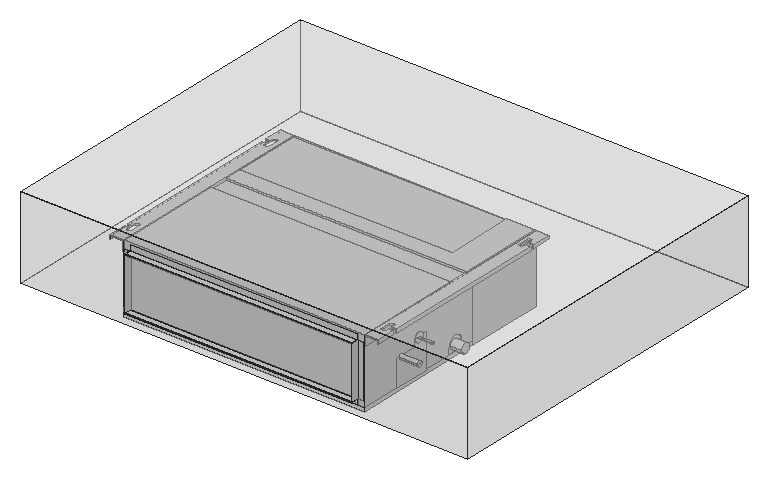
Revit family "outputfile", category 機械設備, Revit 2024
Family settings
  丸型コネクタ寸法 = 半径を使用
  パーツ タイプ = 標準
  OmniClass 番号 = 23.75.10.24.21.27.27
  OmniClass タイトル = Split System Air Conditioning Units
  作業面ベース = いいえ
  常に垂直 = はい
  ロード時にボイドで切り取り = いいえ
  注釈の向きを維持 = いいえ
  共有 = いいえ
  部屋計算ポイント = はい
Parameters (values of type "FXDQ32PDVT4")
  Description = ""
  製造元 = "Daikin"
  書き出し IFC クラス(タイプ) = "IfcUnitaryEquipmentType"
  定義済み IFC タイプ(タイプ) = "AIRCONDITIONINGUNIT"
  Cost = 0
  モデル = "FXDQ32PDVT4"
  Type Comments = ""
  Keynote = ""
  Type Image = (empty or 0)
  Assembly Code = ""
  w_pipe = 33.0 mm
  r_Liquid Pipe Size = Liquid Pipe Size / 2  # 3.2 mm
  r_Gas Pipe Size = Gas Pipe Size / 2  # 6.35 mm
  r_Drain Pipe Size = Drain Pipe Size / 2  # 10.0 mm
  lw_powersupply = 304.0 mm
  lh_suctionflange [instance] = if(Rear Connection_Return Air, 100.0 mm + [h***], 190.0 mm + [h***])  # 100.0 mm
  ld_suctionflange [instance] = if(Rear Connection_Return Air, 190.0 mm, 100.0 mm)  # 190.0 mm
  ld_powersupply = 60.0 mm
  angle_vertical_RA [instance] = if(Rear Connection_Return Air, 90.00°, 0.00°)  # 90.00°
  angle horizontal_RA [instance] = if(Rear Connection_Return Air, 180.00°, 270.00°)  # 180.00°
  Voltage_comment_60Hz = "220"
  Voltage_comment_50Hz = "220-240"
  Voltage_60Hz = 220 V
  Voltage_50Hz = 220 V
  URL = ""
  Supply Air Direction [instance] = yes
  Sound Power Level_H speed (dB) = 54
  Rear Connection_Return Air [instance] = not(Bottom Connection_Return Air)  # yes
  RA_length = 190.0 mm  # constant formula
  Phase_60Hz = 1
  Phase_50Hz = 1
  Minimum External Static Pressure = 10.00 Pa
  Minimum Circuit Amps_60Hz = 0.8 A
  Minimum Circuit Amps_50Hz = 0.7 A
  Maximum Fuse Amps_60Hz = 16.0 A
  Maximum Fuse Amps_50Hz = 16.0 A
  Maximum External Static Pressure = 30.00 Pa
  Material_Casing = DAIKIN_GalvanizedSteel_Casing_indoorunit
  lw_liquidpipe = 46.0 mm  # constant formula
  lw_gaspipe = 57.0 mm  # constant formula
  lw_mountinghole_pitch = 740.0 mm  # constant formula
  lw_mountinghole = 20.0 mm  # constant formula
  lw_drainpipe = 33.0 mm  # constant formula
  lh_powersupply = 10.0 mm
  lh_liquidpipe = 110.0 mm
  lh_gaspipe = 87.0 mm
  lh_mountinghole = Height + [h***]  # 200.0 mm
  lh_drainpipe = 30.0 mm
  lh_antena = 1.0 mm  # constant formula
  ld_liquidpipe = 193.0 mm  # constant formula
  ld_gaspipe = 130.0 mm  # constant formula
  ld_mountinghole_pitch = 500.0 mm  # constant formula
  ld_drainpipe = 280.0 mm
  ld_controlbox = 626.0 mm  # constant formula
  h*** = 0.0 mm  # constant formula
  d_dischargeflange = 21.2 mm  # constant formula
  Width = 700.0 mm
  Version = "ver.1.0"
  Unit Type = "Slim Duct (Standard) Type"
  Unit Mass Weight = 23.00 kg
  Unit Designation [instance] = ""
  Uniclass2015Version = "Products v1.30"
  Uniclass2015Title = "Variable refrigerant flow units"
  Uniclass2015Code = "Pr_70_65_03_94"
  Total Heating Capacity [instance] = 0.000 kW
  Total Cooling Capacity [instance] = 0.000 kW
  Sound Pressure Level_M speed (dBA) = 0
  Sound Pressure Level_L speed (dBA) = 24
  Sound Pressure Level_H speed (dBA) = 28
  Series = "VRV Fan Coil Unit"
  Sensible Cooling Capacity [instance] = 0.000 kW
  SA Duct Size Width = 660.0 mm
  SA Duct Size Height = 153.0 mm
  Refrigerant Type = "R410A"
  RA Duct Size Width = 600.0 mm
  RA Duct Size Height = 180.0 mm
  Power Input (Heating) = 0.070 kW
  Power Input (Cooling) = 0.070 kW
  Option Accessory 3 [instance] = ""
  Option Accessory 2 [instance] = ""
  Option Accessory 1 [instance] = ""
  Nominal Heating Capacity = 4.000 kW
  Nominal Cooling Capacity = 3.600 kW
  Minimum Airflow = 384.00 m³/h
  Median Airflow = 432.00 m³/h
  Maximum Airflow = 480.00 m³/h
  Load Classification = HVAC
  Liquid Pipe Size = 6.4 mm
  Link_Nested Family [instance] = ""
  IfcVersion = "0"
  IfcExportType = "AIRCONDITIONINGUNIT"
  IfcExportAs = "IfcUnitaryEquipmentType"
  Height = 200.0 mm
  Heating Entering Wet Bulb Temperature [instance] = 0.00 °C
  Heating Entering Dry Bulb Temperature [instance] = 0.00 °C
  Heating Ambient Wet Bulb Temperature [instance] = 0.00 °C
  Heating Ambient Dry Bulb Temperature [instance] = 0.00 °C
  Heat Exchanger Type = "Cross Fin Coil"
  Gas Pipe Size = 12.7 mm
  Frequency_60Hz = 60 Hz
  Frequency_50Hz = 50 Hz
  Fan Type = "Sirocco Fan"
  Fan Drive = "Direct Drive"
  FCU Tag No. [instance] = ""
  Drain Pipe Size = 20.0 mm
  Design Supply Airflow [instance] = 0.00 m³/h
  Design Return Airflow [instance] = 0.00 m³/h
  Design External Static Pressure [instance] = 0.00 Pa
  Depth = 620.0 mm
  既定の高さ = 0.0 mm
  Cooling Entering Wet Bulb Temperature [instance] = 0.00 °C
  Cooling Entering Dry Bulb Temperature [instance] = 0.00 °C
  Cooling Ambient Wet Bulb Temperature [instance] = 0.00 °C
  Cooling Ambient Dry Bulb Temperature [instance] = 0.00 °C
  Clearance visibility [instance] = yes
  Clearance Top = 20.0 mm
  Clearance Right = 300.0 mm
  Clearance Rear = 400.0 mm
  Clearance Left = 300.0 mm
  Clearance Front = 0.0 mm
  Clearance Bottom = 20.0 mm
  Bottom Connection_Return Air [instance] = no
Reference planes
  plane 1 "Center (Front/Back)": y = 0
  plane 2: z = 0
  plane 3 "Center (Left/Right)": x = 0
  plane 4 "Back": y = 310
  plane 5 "Front": y = -310
  plane 6 "Left": x = -350
  plane 7 "Right": x = 350
  plane 8 "Top": z = 0
  plane 9 "Bottom": z = -200
  plane 10: x = 330
  plane 11: x = -330
  plane 12: z = -190
  plane 13: z = -6
  plane 14: z = -22
  plane 15: z = -90
  plane 16: z = -113
  plane 17: x = -304
  plane 18: x = 304
  plane 19: x = -370
  plane 20: x = 370
  plane 21: y = -250
  plane 22: y = 250
  plane 23: x = -390
  plane 24: x = 390
  plane 25: x = 396
  plane 26: x = 407
  plane 27: x = 383
  plane 28: z = 0
  plane 29: z = -170
  plane 30 "Clearance Left": x = -650
  plane 31 "Clearance Right": x = 650
  plane 32 "Clearance Rear": y = 710
  plane 33 "Clearance Front": y = -310
  plane 34 "Clearance Top": z = 20
  plane 35 "Clearance Bottom": z = -220
  plane 36: z = -21
  plane 37: z = -170
  plane 38: z = -96.5
  plane 39: x = -40
  plane 40: y = -180
  plane 41: y = -117
  plane 42: y = -30
  plane 43: y = 20
  plane 44: z = -97.5
  plane 45: y = -309
  plane 46: x = -349
  plane 47: z = -100
  plane 48: z = -30
  plane 49: y = 210
  plane 50: z = 301
  plane 51: z = -199
  plane 52: y = 120
  plane 53: z = -101
  plane 54: x = 380
  plane 55: z = 11
  plane 56: z = 102.5
Forms (mm)
  Extrusion 1, solid
    sketch origin (0, 0, 0) x (1, 0, 0) y (0, 0, 1)
      loop
        line (-350, -190) -> (-350, -200) -> (350, -200) -> (350, -190) -> (-350, -190)
    from -84 to 310
  Extrusion 2, solid, material "DAIKIN_GalvanizedSteel_Casing_indoorunit" <- "Material_Casing"
    sketch origin (0, 0, 0) x (1, 0, 0) y (0, 1, 0)
      loop
        line (-350, -309) -> (350, -309) -> (350, 310) -> (-350, 310) -> (-350, -309)
    from -200 to 0
  Extrusion 3, void
    sketch origin (0, 0, 1) x (1, 0, 0) y (0, 1, 0)
      loop
        line (-350, 62.179) -> (-350, 4.179) -> (350, 4.179) -> (350, 62.179) -> (-350, 62.179)
    from -1 to -7
  Extrusion 4, void
    sketch origin (0, 0, 0) x (0, 1, 0) y (0, 0, 1)
      loop
        line (-5, -190) -> (45, -190) -> (45, -170)
        arc (45, -170) -> (20, -145) -> (-5, -170) r 25
        line (-5, -170) -> (-5, -190)
    from 350 to 345
  Revolve 5, solid, material "DAIKIN_GalvanizedSteel_Casing_indoorunit" <- "Material_Casing"
    sketch origin (0, 0, -113) x (0, -1, 0) y (1, 0, 0)
      loop
        line (173.65, 351) -> (180, 351) -> (180, 407) -> (173.65, 407) -> (173.65, 351)
      axis (180, 351) -> (180, 407)
    angle from 0 to 360
  Revolve 6, solid, material "DAIKIN_GalvanizedSteel_Casing_indoorunit" <- "Material_Casing"
    sketch origin (0, 0, -90) x (0, -1, 0) y (1, 0, 0)
      loop
        line (117, 351) -> (117, 396) -> (113.8, 396) -> (113.8, 351) -> (117, 351)
      axis (117, 396) -> (117, 351)
    angle from 0 to 360
  Extrusion 7, solid, material "DAIKIN_GalvanizedSteel_Casing_indoorunit" <- "Material_Casing"
    sketch origin (0, 0, 0) x (0, 1, 0) y (0, 0, 1)
      loop
        circle (-116, -90) r 12.7
    from 350 to 355.007
  Extrusion 8, solid, material "DAIKIN_GalvanizedSteel_Casing_indoorunit" <- "Material_Casing"
    sketch origin (0, 0, 0) x (0, 1, 0) y (0, 0, 1)
      loop
        circle (20, -170) r 13
    from 345 to 380
  Extrusion 9, solid, material "DAIKIN_GalvanizedSteel_Casing_indoorunit" <- "Material_Casing"
    sketch origin (0, 0, 0) x (1, 0, 0) y (0, 0, 1)
      loop
        line (-350, -190) -> (-350, -200) -> (350, -200) -> (350, -190) -> (-350, -190)
    from -84 to 310
  Extrusion 10, solid, material "DAIKIN_GalvanizedSteel_Casing_indoorunit" <- "Material_Casing", visible <- "Bottom Connection_Return Air"
    sketch origin (0, 0, 0) x (1, 0, 0) y (0, 0, 1)
      loop
        line (269, -200) -> (269, -1) -> (-349, -1) -> (-349, -200) -> (269, -200)
    from -310 to -309
  Extrusion 11, void
    sketch origin (0, 0, 0) x (1, 0, 0) y (0, 0, 1)
      loop
        line (269, 0) -> (-349, 0) -> (-349, -1) -> (269, -1) -> (269, 0)
    from -310 to -111
  Extrusion 12, solid, material "DAIKIN_GalvanizedSteel_Casing_indoorunit" <- "Material_Casing", visible <- "Rear Connection_Return Air"
    sketch origin (0, 0, 0) x (1, 0, 0) y (0, 1, 0)
      loop
        line (-349, 310) -> (-349, 111) -> (269, 111) -> (269, 310) -> (-349, 310)
    from -200 to -199
  Extrusion 13, solid, material "DAIKIN_GalvanizedSteel_Casing_indoorunit" <- "Material_Casing"
    sketch origin (0, 0, 0) x (0, 1, 0) y (0, 0, 1)
      loop
        line (-194, -113) -> (-194, -190) -> (-88.3, -190) -> (-88.3, -90) -> (-103.3, -90)
        arc (-103.3, -90) -> (-116, -102.7) -> (-128.7, -90) r 12.7
        line (-128.7, -90) -> (-128.7, -113) -> (-173.65, -113)
        arc (-173.65, -113) -> (-180, -119.35) -> (-186.35, -113) r 6.35
        line (-186.35, -113) -> (-194, -113)
    from 351 to 350
  Extrusion 14, solid, material "DAIKIN_GalvanizedSteel_Casing_indoorunit" <- "Material_Casing"
    sketch origin (0, 0, 0) x (0, 1, 0) y (0, 0, 1)
      loop
        line (84, -199) -> (310, -199) -> (310, -22) -> (91, -22) -> (84, -29) -> (84, -199)
    from 351 to 350
Cuts and joins
  Extrusion 3, Extrusion 4, Extrusion 11 cuts Extrusion 2
  Extrusion 4 cuts Extrusion 1
  Extrusion 11 cuts Extrusion 9
Dimensions and locks
  "lh_powersupply": plane 12 to plane 9 "Bottom"
  locked: plane 8 "Top" to plane 13 at 6
  "Height": plane 8 "Top" to plane 9 "Bottom"
  equal spacing: plane 17, plane 3 "Center (Left/Right)", plane 18, locked at 304 each
  locked: plane 17 to plane 18 at 608
  equal spacing: plane 19, plane 3 "Center (Left/Right)", plane 20, locked at 370 each
  "lw_mountinghole_pitch": plane 19 to plane 20
  locked: plane 14 to plane 9 "Bottom" at 178
  "lw_mountinghole": plane 23 to plane 19
  "lh_liquidpipe": plane 15 to plane 9 "Bottom"
  "lh_gaspipe": plane 16 to plane 9 "Bottom"
  "lh_mountinghole": plane 28 to plane 9 "Bottom"
  "ld_mountinghole_pitch": plane 22 to plane 21
  equal spacing: plane 6 "Left", plane 3 "Center (Left/Right)", plane 7 "Right", locked at 350 each
  "Width": plane 6 "Left" to plane 7 "Right"
  "lh_drainpipe": plane 29 to plane 9 "Bottom"
  "Clearance Right": plane 7 "Right" to plane 31 "Clearance Right"
  "Clearance Left": plane 30 "Clearance Left" to plane 6 "Left"
  "lw_gaspipe": plane 7 "Right" to plane 26
  "lw_liquidpipe": plane 7 "Right" to plane 25
  "lw_drainpipe": plane 7 "Right" to plane 27
  "Clearance Rear": plane 32 "Clearance Rear" to plane 4 "Back"
  "Clearance Front": plane 5 "Front" to plane 33 "Clearance Front"
  "Clearance Top": plane 34 "Clearance Top" to plane 8 "Top"
  "Clearance Bottom": plane 9 "Bottom" to plane 35 "Clearance Bottom"
  "ld_powersupply": plane 4 "Back" to plane 22
  "lw_powersupply": plane 3 "Center (Left/Right)" to plane 18
  locked: plane 8 "Top" to plane 36 at 21
  locked: plane 8 "Top" to plane 37 at 170
  locked: plane 40 to plane 41 at 63
  locked: plane 38 to plane 9 "Bottom" at 103.5
  locked: plane 36 to plane 44 at 76.5
  "Depth": plane 4 "Back" to plane 5 "Front"
  equal spacing: plane 4 "Back", plane 1 "Center (Front/Back)", plane 5 "Front"
  locked: plane 45 to plane 5 "Front" at 1
  locked: plane 46 to plane 6 "Left" at 1
  Extrusion 10 sketch curve to Extrusion 10 sketch curve = 199.0 mm
  locked: nested 12 to plane 39 at 300
  locked: plane 12 to plane 47 at 90
  plane 32 "Clearance Rear" to Extrusion 10 = 401.0 mm
  locked: plane 48 to plane 35 "Clearance Bottom" at 190
  locked: plane 49 to nested 13 at 90
  plane 50 to plane 28 = 301.0 mm
  locked: plane 51 to plane 9 "Bottom" at 1
  "ld_suctionflange": plane 4 "Back" to plane 52
  locked: plane 53 to plane 9 "Bottom" at 99
  locked: plane 54 to plane 7 "Right" at 30
  aligned and locked: level to plane 2
  aligned and locked: Extrusion 2 to plane 9 "Bottom"
  aligned and locked: plane 8 "Top" to Extrusion 2
  aligned and locked: Revolve 5 sketch curve to Revolve 5 sketch curve
  aligned and locked: plane 15 to Extrusion 7 sketch curve
  aligned and locked: cut or joined group of Extrusion 1, Extrusion 4 to plane 9 "Bottom"
  aligned and locked: plane 24 to nested 1
  aligned and locked: nested 1 to plane 23
  aligned and locked: plane 25 to nested 6
  aligned and locked: nested 6 to plane 15
  aligned and locked: nested 2 to plane 22
  aligned and locked: plane 20 to nested 2
  aligned and locked: plane 20 to nested 3
  aligned and locked: plane 19 to nested 4
  aligned and locked: plane 22 to nested 5
  aligned and locked: nested 5 to plane 22
  aligned and locked: plane 19 to nested 5
  aligned and locked: plane 22 to nested 11
  aligned and locked: plane 18 to nested 11  (x2)
  aligned and locked: nested 11 to plane 18
  aligned and locked: plane 4 "Back" to nested 11
  aligned and locked: cut or joined group of Extrusion 2, Extrusion 3, Extrusion 4, Extrusion 11 to nested 11
  aligned and locked: nested 11 to plane 12
  aligned and locked: plane 8 "Top" to nested 1
  aligned and locked: Extrusion 9 to plane 5 "Front"
  aligned and locked: Extrusion 9 to plane 9 "Bottom"
  aligned and locked: nested 7 to plane 16
  aligned and locked: plane 4 "Back" to nested 1
  aligned and locked: plane 40 to nested 7
  aligned and locked: plane 41 to nested 6
  aligned and locked: Extrusion 8 sketch curve to plane 43
  aligned and locked: nested 12 to plane 46
  aligned and locked: plane 4 "Back" to Extrusion 11
  aligned and locked: Extrusion 12 to nested 13
  aligned and locked: plane 8 "Top" to Extrusion 3
  aligned and locked: Extrusion 10 to cut or joined group of Extrusion 2, Extrusion 3, Extrusion 4, Extrusion 11
  aligned and locked: plane 9 "Bottom" to Extrusion 12  (x2)
  aligned and locked: Extrusion 12 to plane 51
  aligned and locked: plane 4 "Back" to nested 12
  aligned and locked: Extrusion 11 to level
  aligned and locked: plane 32 "Clearance Rear" to nested 14
  aligned and locked: plane 31 "Clearance Right" to nested 14
  aligned and locked: plane 30 "Clearance Left" to nested 14
  aligned and locked: nested 14 to plane 33 "Clearance Front"
  aligned and locked: nested 14 to plane 34 "Clearance Top"
  aligned and locked: nested 14 to plane 35 "Clearance Bottom"
  aligned and locked: plane 7 "Right" to Extrusion 13
  aligned and locked: plane 4 "Back" to Extrusion 14
  aligned and locked: Extrusion 14 to plane 51
  aligned and locked: plane 7 "Right" to Extrusion 14
  aligned and locked: Extrusion 13 to Revolve 5 sketch curve
  aligned and locked: Extrusion 3 to plane 13
  aligned and locked: plane 52 to nested 15
  aligned and locked: Extrusion 11 to nested 13
  aligned and locked: Extrusion 8 to plane 54
  aligned and locked: nested 8 to plane 54
  aligned and locked: plane 43 to nested 8
  aligned and locked: nested 8 to plane 37
  aligned and locked: nested 10 to plane 1 "Center (Front/Back)"
  aligned and locked: plane 46 to Extrusion 10
  aligned and locked: nested 12 to plane 51
  aligned and locked: plane 3 "Center (Left/Right)" to nested 10
  aligned and locked: plane 13 to nested 16
  aligned and locked: plane 45 to nested 16
  aligned and locked: plane 44 to nested 9
  aligned and locked: level to plane 8 "Top"
Automatic sketch dimensions
  Extrusion 1 sketch curve to plane 6 "Left" = 0.0 mm
  Extrusion 1 sketch curve to plane 7 "Right" = 0.0 mm
  Extrusion 1 sketch curve to plane 9 "Bottom" = 0.0 mm
  Extrusion 1 sketch curve to plane 12 = 0.0 mm
  Extrusion 2 sketch curve to plane 4 "Back" = 0.0 mm
  Extrusion 2 sketch curve to plane 6 "Left" = 0.0 mm
  Extrusion 2 sketch curve to plane 7 "Right" = 0.0 mm
  Extrusion 2 sketch curve to plane 45 = 0.0 mm
  Extrusion 3 sketch curve to plane 6 "Left" = 0.0 mm
  Extrusion 3 sketch curve to plane 7 "Right" = 0.0 mm
  Extrusion 3 sketch curve to plane 1 "Center (Front/Back)" = 4.179 mm
  plane 43 to Extrusion 3 sketch curve = 42.179 mm
  Extrusion 4 sketch curve to plane 37 = 0.0 mm
  Extrusion 4 sketch curve to plane 12 = 0.0 mm
  Extrusion 4 sketch curve to plane 43 = 0.0 mm
  plane 1 "Center (Front/Back)" to Extrusion 4 sketch curve = 5.0 mm
  Revolve 6 sketch curve to plane 25 = 0.0 mm  (x2)
  Revolve 6 sketch curve to plane 41 = 0.0 mm  (x2)
  plane 41 to Revolve 6 sketch curve = 3.2 mm
  plane 7 "Right" to Revolve 6 sketch curve = 1.0 mm
  Revolve 6 sketch curve to Revolve 6 sketch curve = 0.0 mm
  plane 41 to Extrusion 7 sketch curve = 1.0 mm
  Extrusion 8 sketch curve to plane 37 = 0.0 mm
  Extrusion 9 sketch curve to plane 6 "Left" = 0.0 mm
  Extrusion 9 sketch curve to plane 7 "Right" = 0.0 mm
  Extrusion 9 sketch curve to plane 9 "Bottom" = 0.0 mm
  Extrusion 9 sketch curve to plane 12 = 0.0 mm
  plane 46 to Extrusion 10 sketch curve = 0.0 mm
  Extrusion 10 sketch curve to plane 18 = 35.0 mm
  plane 46 to Extrusion 11 sketch curve = 0.0 mm
  Extrusion 11 sketch curve to plane 18 = 35.0 mm
  Extrusion 11 sketch curve to plane 8 "Top" = 1.0 mm
  Extrusion 12 sketch curve to plane 46 = 0.0 mm
  Extrusion 12 sketch curve to plane 4 "Back" = 0.0 mm
  Extrusion 12 sketch curve to plane 18 = 35.0 mm
  plane 43 to Extrusion 12 sketch curve = 91.0 mm
  plane 35 "Clearance Bottom" to Extrusion 11 sketch curve = 220.0 mm
  Extrusion 10 sketch curve to plane 51 = 1.0 mm
  Extrusion 13 sketch curve to plane 12 = 0.0 mm
  Extrusion 13 sketch curve to plane 16 = 0.0 mm
  Extrusion 13 sketch curve to plane 40 = 0.0 mm
  Extrusion 13 sketch curve to plane 15 = 0.0 mm
  Extrusion 13 sketch curve to Extrusion 13 sketch curve = 6.35 mm
  Extrusion 13 sketch curve to Extrusion 13 sketch curve = 7.65 mm
  Extrusion 13 sketch curve to plane 41 = 11.7 mm
  plane 41 to Extrusion 13 sketch curve = 1.0 mm
  Extrusion 13 sketch curve to Extrusion 13 sketch curve = 27.7 mm
  Extrusion 14 sketch curve to plane 51 = 0.0 mm
  Extrusion 14 sketch curve to plane 14 = 0.0 mm
  plane 48 to Extrusion 14 sketch curve = 1.0 mm
  plane 43 to Extrusion 14 sketch curve = 64.0 mm
  Extrusion 14 sketch curve to Extrusion 14 sketch curve = 7.0 mm
  Extrusion 14 sketch curve to plane 4 "Back" = 0.0 mm
  Revolve 5 sketch curve to plane 26 = 0.0 mm
  Revolve 5 sketch curve to plane 40 = 0.0 mm
  Revolve 5 sketch curve to Revolve 5 sketch curve = 1.003 mm  (x2)
  plane 40 to Revolve 5 sketch curve = 6.35 mm
  radius of Extrusion 7 sketch curve = 12.7 mm
  radius of Extrusion 8 sketch curve = 13.0 mm
Nested families
  nested 1: "daikin_hangerfixture_FXDQ-PDVT4" at (0, 0.5, 0), type "daikin_hangerfixture_FXDQ-PDVT4"
  nested 2: "daikin_mountinghole" at (370, 250, -200), l_antenna <- "lh_antena", Link_Nested Family <- "Link_Nested Family", h_mountinghole <- "lh_mountinghole", type "daikin_mountinghole"
    with show yes, l_antenna 1.0 mm, h_mountinghole 200.0 mm, Link_Nested Family ""
  nested 3: "daikin_mountinghole" at (370, -250, -200), Link_Nested Family <- "Link_Nested Family", l_antenna <- "lh_antena", h_mountinghole <- "lh_mountinghole", type "daikin_mountinghole"
    with show yes, l_antenna 1.0 mm, h_mountinghole 200.0 mm, Link_Nested Family ""
  nested 4: "daikin_mountinghole" at (-370, -250, -200), l_antenna <- "lh_antena", Link_Nested Family <- "Link_Nested Family", h_mountinghole <- "lh_mountinghole", type "daikin_mountinghole"
    with show yes, l_antenna 1.0 mm, h_mountinghole 200.0 mm, Link_Nested Family ""
  nested 5: "daikin_mountinghole" at (-370, 250, -200), l_antenna <- "lh_antena", Link_Nested Family <- "Link_Nested Family", h_mountinghole <- "lh_mountinghole", type "daikin_mountinghole"
    with show yes, l_antenna 1.0 mm, h_mountinghole 200.0 mm, Link_Nested Family ""
  nested 6: "daikin_connector_rotate2" at (350, -117, -90) x (0, 1, 0) z (0, 0, 1), length <- "lw_liquidpipe", built-in parameter 1001364 <- "lh_liquidpipe", radius <- "r_Liquid Pipe Size", type "daikin_connector_rotate2"
    with radius 3.2 mm, length 46.0 mm, angle_vertical 90.00°, show_face no
  nested 7: "daikin_connector_rotate2" at (350, -180, -113) x (0, 1, 0) z (0, 0, 1), length <- "lw_gaspipe", built-in parameter 1001364 <- "lh_gaspipe", radius <- "r_Gas Pipe Size", type "daikin_connector_rotate2"
    with radius 6.35 mm, length 57.0 mm, angle_vertical 90.00°, show_face no
  nested 8: "daikin_connector_rotate2" at (347, 20, -170) x (0, 1, 0) z (0, 0, 1), built-in parameter 1001364 <- "lh_drainpipe", length <- "lw_drainpipe", radius <- "r_Drain Pipe Size", type "daikin_connector_rotate2"
    with radius 10.0 mm, length 33.0 mm, angle_vertical 90.00°, show_face no
  nested 9: "daikin_connector_rotate2" at (0, -309, -97.5), length <- "d_dischargeflange", type "daikin_connector_rotate2"
    with radius 10.0 mm, length 21.2 mm, angle_vertical 90.00°, show_face no
  nested 10: "daikin_△_symbolicline" at (-75, -129.904, 200) x (-0.5, 0.866, 0) z (0, 0, 1), built-in parameter 1001364 <- "Height", visible <- "Supply Air Direction", type "daikin_△_symbolicline"
    with length 300.0 mm
  nested 11: "daikin_connector_rotate2" at (304, 250, -190) x (-1, 0, 0) z (0, 0, 1), built-in parameter 1001364 <- "lh_powersupply", length <- "ld_powersupply", type "daikin_connector_rotate2"
    with radius 10.0 mm, length 60.0 mm, angle_vertical 90.00°, show_face no
  nested 12: "daikin_ductflange_FXDQ-PDVT4_2" at (-40, 310, -100), visible <- "Rear Connection_Return Air", material <- "Material_Casing", type "daikin_ductflange_FXDQ-PDVT4_2"
    with width 620.0 mm, material DAIKIN_GalvanizedSteel_Casing_indoorunit, height 180.0 mm, depth 21.2 mm
  nested 13: "daikin_ductflange_FXDQ-PDVT4_2" at (-40, 210, -200) x (1, 0, 0) z (0, 1, 0), visible <- "Bottom Connection_Return Air", material <- "Material_Casing", type "daikin_ductflange_FXDQ-PDVT4_2"
    with width 620.0 mm, material DAIKIN_GalvanizedSteel_Casing_indoorunit, height 180.0 mm, depth 21.2 mm
  nested 14: "daikin_clearancespace" at (0, 200, -99.881), visible <- "Clearance visibility", show <- "Clearance visibility", Link_Nested Family <- "Link_Nested Family", type "daikin_clearancespace"
    with width 1300.0 mm, show yes, height 240.0 mm, depth 1020.0 mm, Link_Nested Family ""
  nested 15: "daikin_connector_rotate3" at (-40, 120, -100), built-in parameter 1001364 <- "lh_suctionflange", angle_vertical <- "angle_vertical_RA", angle_horizontal <- "angle horizontal_RA", length <- "RA_length", type "daikin_connector_rotate3"
    with show no, radius 10.0 mm, length 190.0 mm, angle_vertical 90.00°, angle_horizontal 180.00°
  nested 16: "daikin_ductflange_FXDQ-PDVT4_1" at (0, 4.5, -364.201), type "daikin_ductflange_FXDQ-PDVT4_1"
    with width 660.0 mm, material DAIKIN_GalvanizedSteel_Casing_indoorunit, height 155.0 mm, depth 21.2 mm
Connectors
  piping at (407, -180, -113), diameter 12.7, driven by "r_Gas Pipe Size"
    settings: on nested 7, index 1, connector inside diameter 609.6 mm, connector length 0.0 mm, flow factor 0, pipe flow 0.00 m³/h, pressure drop 0.0 Pa, fitting loss kfactor 0, connector angle 0.00°, fixture units 0, engagement length 0.0 mm, angle of deflection 0.00°, flow configuration 1, flow direction 2, fitting loss method 0, system type 29, joint type 0, gender type 0, connector reference index -1, connector utility 0, adjustable connector no, is connector primary yes, connector description "Refrigerant Gas Piping"
  piping at (396, -117, -90), diameter 6.4, driven by "r_Liquid Pipe Size"
    settings: on nested 6, index 2, connector inside diameter 609.6 mm, connector length 0.0 mm, flow factor 0, pipe flow 0.00 m³/h, pressure drop 0.0 Pa, fitting loss kfactor 0, connector angle 0.00°, fixture units 0, engagement length 0.0 mm, angle of deflection 0.00°, flow configuration 1, flow direction 1, fitting loss method 0, system type 29, joint type 0, gender type 0, connector reference index -1, connector utility 0, adjustable connector no, is connector primary no, connector description "Refrigerant Liquid Piping"
  piping at (380, 20, -170), diameter 20, driven by "r_Drain Pipe Size"
    settings: on nested 8, index 3, connector inside diameter 609.6 mm, connector length 0.0 mm, flow factor 0, pipe flow 0.00 m³/h, pressure drop 0.0 Pa, fitting loss kfactor 0, connector angle 0.00°, fixture units 0, engagement length 0.0 mm, angle of deflection 0.00°, flow configuration 1, flow direction 2, fitting loss method 4, system type 16, joint type 0, gender type 0, connector reference index -1, connector utility 0, adjustable connector no, is connector primary no, connector description "Condensate Drain Piping"
  hvac at (0, -330.2, -97.5), driven by "SA Duct Size Height", driven by "SA Duct Size Width"
    settings: on nested 9, index 7, duct flow 0.00 m³/h, flow factor 0, pres drop 0.00 Pa, loss coef 0, conn angle 0.00°, conn width 660.0 mm, conn height 153.0 mm, conn diameter 609.6 mm, duct sys type 1, conn prof type 1, flow config 0, flow direction 2, loss method 4, conn ref index -1, conn util no, is conn primary yes, conn desc "SA Duct"
  electrical at (304, 310, -190), driven by "Load Classification"
    settings: on nested 11, index 9, voltage 0 V, apparent load 0 VA, apparent load phase1 0 VA, apparent load phase2 0 VA, apparent load phase3 0 VA, power factor 1, load classification "HVAC", number of poles 1, system type 30, power factor state 1, is connector primary yes, connector utility no, sub classification motor no, connector description "Power Supply"
  hvac at (-40, 310, -100), driven by "RA Duct Size Height", driven by "RA Duct Size Width"
    settings: on nested 15, index 10, duct flow 0.00 m³/h, flow factor 0, pres drop 0.00 Pa, loss coef 0, conn angle 0.00°, conn width 600.0 mm, conn height 180.0 mm, conn diameter 609.6 mm, duct sys type 2, conn prof type 1, flow config 0, flow direction 1, loss method 4, conn ref index -1, conn util no, is conn primary no, conn desc "RA Duct"
Definition of nested family "daikin_hangerfixture_FXDQ-PDVT4"
  Parameters (values of type "daikin_hangerfixture_FXDQ-PDVE")
    width = 48.0 mm
    material = none
    height = 65.0 mm
    depth = 619.0 mm
    Default Elevation = 0.0 mm
  Reference planes
    plane 1 "Center (Front/Back)": y = 0
    plane 2: z = 0
    plane 3 "Center (Left/Right)": x = 0
    plane 4: x = 350
    plane 5: y = 309.5
    plane 6: y = -309.5
  Forms (mm)
    Extrusion 1, solid, material <- "material"
      sketch origin (0, 0, 0) x (1, 0, 0) y (0, 0, 1)
        loop
          line (350, 0) -> (350, -30) -> (352.3, -30) -> (352.3, -2.3) -> (387.7, -2.3) -> (387.7, -10) -> (390, -10) -> (390, 0) -> (350, 0)
      from -309.5 to 309.5
    Extrusion 2, void
      sketch origin (0, 0, 0) x (0, 1, 0) y (0, 0, 1)
        loop
          line (309.5, -30) -> (309.5, -17.979) -> (87.935, -17.979) -> (75.914, -30) -> (309.5, -30)
      from 0 to 618
    Extrusion 3, void
      sketch origin (0, 0, 0) x (1, 0, 0) y (0, 1, 0)
        loop
          line (390, -244) -> (377, -244) -> (377, -237.5)
          arc (377, -237.5) -> (370, -230.5) -> (363, -237.5) r 7
          line (363, -237.5) -> (363, -263.5)
          arc (363, -263.5) -> (370, -270.5) -> (377, -263.5) r 7
          line (377, -263.5) -> (377, -257) -> (390, -257) -> (390, -244)
        loop
          line (390, 243) -> (390, 256) -> (377, 256) -> (377, 262.5)
          arc (377, 262.5) -> (370, 269.5) -> (363, 262.5) r 7
          line (363, 262.5) -> (363, 236.5)
          arc (363, 236.5) -> (370, 229.5) -> (377, 236.5) r 7
          line (377, 236.5) -> (377, 243) -> (390, 243)
      from -254.96 to 618
    Extrusion 4, solid, material <- "material"
      sketch origin (0, 0, 0) x (-1, 0, 0) y (0, 0, -1)
        loop
          line (350, 0) -> (390, 0) -> (390, 10) -> (387.7, 10) -> (387.7, 2.3) -> (352.3, 2.3) -> (352.3, 30) -> (350, 30) -> (350, 0)
      from -309.5 to 309.5
    Extrusion 5, void
      sketch origin (0, 0, 0) x (-1, 0, 0) y (0, -1, 0)
        loop
          line (390, 244) -> (390, 257) -> (377, 257) -> (377, 263.5)
          arc (377, 263.5) -> (370, 270.5) -> (363, 263.5) r 7
          line (363, 263.5) -> (363, 237.5)
          arc (363, 237.5) -> (370, 230.5) -> (377, 237.5) r 7
          line (377, 237.5) -> (377, 244) -> (390, 244)
        loop
          line (390, -243) -> (377, -243) -> (377, -236.5)
          arc (377, -236.5) -> (370, -229.5) -> (363, -236.5) r 7
          line (363, -236.5) -> (363, -262.5)
          arc (363, -262.5) -> (370, -269.5) -> (377, -262.5) r 7
          line (377, -262.5) -> (377, -256) -> (390, -256) -> (390, -243)
      from -254.96 to 618
  Cuts and joins
    Extrusion 2, Extrusion 3, Extrusion 5 cuts Extrusion 1
    Extrusion 5 cuts Extrusion 4
  Dimensions and locks
    locked: plane 4 to plane 3 "Center (Left/Right)" at 350
    equal spacing: plane 5, plane 1 "Center (Front/Back)", plane 6
    "depth": plane 5 to plane 6
    locked: plane 3 "Center (Left/Right)" to plane 4 at 350
    plane 6 to plane 1 "Center (Front/Back)" to plane 5 = 309.5 mm, 309.5 mm
    aligned and locked: level to plane 2
    aligned and locked: plane 5 to Extrusion 1
    aligned and locked: Extrusion 1 to plane 6
    aligned and locked: Extrusion 1 to plane 4
    aligned and locked: plane 5 to cut or joined group of Extrusion 1, Extrusion 2, Extrusion 3, Extrusion 5
    aligned and locked: cut or joined group of Extrusion 1, Extrusion 2, Extrusion 3, Extrusion 5 to plane 6
    aligned and locked: level to cut or joined group of Extrusion 1, Extrusion 2, Extrusion 3, Extrusion 5
    aligned and locked: plane 5 to cut or joined group of Extrusion 4, Extrusion 5
    aligned and locked: cut or joined group of Extrusion 4, Extrusion 5 to plane 6
  Automatic sketch dimensions
    Extrusion 1 sketch curve to plane 4 = 0.0 mm
    Extrusion 1 sketch curve to level = 0.0 mm
    plane 4 to Extrusion 1 sketch curve = 2.3 mm
    Extrusion 1 sketch curve to level = 2.3 mm
    Extrusion 1 sketch curve to Extrusion 1 sketch curve = 35.4 mm
    Extrusion 1 sketch curve to Extrusion 1 sketch curve = 2.3 mm
    Extrusion 1 sketch curve to Extrusion 1 sketch curve = 7.7 mm
    Extrusion 1 sketch curve to Extrusion 1 sketch curve = 27.7 mm
    Extrusion 2 sketch curve to plane 5 = 0.0 mm
    Extrusion 2 sketch curve to level = 17.979 mm
    Extrusion 2 sketch curve to plane 1 "Center (Front/Back)" = 87.935 mm
    Extrusion 2 sketch curve to level = 30.0 mm
    Extrusion 2 sketch curve to Extrusion 2 sketch curve = 12.021 mm
    plane 4 to Extrusion 3 sketch curve = 13.0 mm  (x2)
    Extrusion 3 sketch curve to Extrusion 3 sketch curve = 7.0 mm  (x4)
    Extrusion 3 sketch curve to Extrusion 3 sketch curve = 13.0 mm  (x4)
    plane 6 to Extrusion 3 sketch curve = 46.0 mm
    Extrusion 3 sketch curve to Extrusion 3 sketch curve = 6.5 mm  (x4)
    Extrusion 3 sketch curve to plane 5 = 73.0 mm
    Extrusion 4 sketch curve to level = 0.0 mm
    Extrusion 4 sketch curve to level = 30.0 mm
    Extrusion 4 sketch curve to plane 3 "Center (Left/Right)" = 350.0 mm
    Extrusion 4 sketch curve to Extrusion 4 sketch curve = 2.3 mm  (x2)
    Extrusion 4 sketch curve to level = 2.3 mm
    Extrusion 4 sketch curve to Extrusion 4 sketch curve = 35.4 mm
    Extrusion 4 sketch curve to Extrusion 4 sketch curve = 7.7 mm
    Extrusion 5 sketch curve to plane 5 = 73.0 mm
    Extrusion 5 sketch curve to plane 3 "Center (Left/Right)" = 363.0 mm  (x2)
    plane 6 to Extrusion 5 sketch curve = 72.0 mm
    Extrusion 5 sketch curve to Extrusion 5 sketch curve = 7.0 mm  (x4)
    Extrusion 5 sketch curve to Extrusion 5 sketch curve = 13.0 mm  (x4)
    Extrusion 5 sketch curve to Extrusion 5 sketch curve = 6.5 mm  (x4)
Definition of nested family "daikin_ductflange_FXDQ-PDVT4_2"
  Parameters (values of type "daikin_ductflange_FXDQ-PDVE2")
    width [instance] = 620.0 mm
    material [instance] = none
    height [instance] = 180.0 mm
    depth [instance] = 21.2 mm
    Default Elevation = 0.0 mm
  Reference planes
    plane 1 "Center (Front/Back)": y = 0
    plane 2: z = 0
    plane 3 "Center (Left/Right)": x = 0
    plane 4: y = -313.5
    plane 5: y = -334.7
    plane 6: x = -310
    plane 7: x = 310
    plane 8: z = 90
    plane 9: z = -90
    plane 10: z = 100
    plane 11: z = -100
    plane 12: x = -309
    plane 13: x = 309
  Forms (mm)
    Extrusion 1, solid, material <- "material"
      sketch origin (0, 0, 0) x (1, 0, 0) y (0, 0, 1)
        loop
          line (-300, 90) -> (-300, -90) -> (300, -90) -> (300, 90) -> (-300, 90)
        loop
          line (-309, -99) -> (309, -99) -> (309, 99) -> (-309, 99) -> (-309, -99)
      from 0 to 1
  Dimensions and locks
    plane 4 to plane 1 "Center (Front/Back)" = 313.5 mm
    "depth": plane 5 to plane 4
    equal spacing: plane 7, plane 3 "Center (Left/Right)", plane 6, locked at 310 each
    "width": plane 7 to plane 6
    equal spacing: plane 8, level, plane 9, locked at 90 each
    "height": plane 8 to plane 9
    equal spacing: plane 10, level, plane 11, locked at 100 each
    locked: plane 10 to plane 11 at 200
    plane 12 to plane 6 = 1.0 mm
    locked: plane 7 to plane 13 at 1
    locked: Extrusion 1 sketch curve to Extrusion 1 sketch curve at 9  (x4)
    locked: plane 10 to Extrusion 1 sketch curve at 1
    locked: Extrusion 1 sketch curve to plane 11 at 1
    aligned and locked: level to plane 2
  Automatic sketch dimensions
    plane 6 to Extrusion 1 sketch curve = 1.0 mm
    Extrusion 1 sketch curve to plane 7 = 1.0 mm
Definition of nested family "daikin_clearancespace"
  Parameters (values of type "daikin_clearancespace")
    width [instance] = 1823.963 mm
    show [instance] = yes
    material = none
    height [instance] = 1359.762 mm
    depth [instance] = 880.0 mm
    Default Elevation = 0.0 mm
    Link_Nested Family [instance] = ""
  Reference planes
    plane 1 "Center (Front/Back)": y = 0
    plane 2 "Center (Elevation)": z = -0.119
    plane 3 "Center (Left/Right)": x = 0
    plane 4: y = 440
    plane 5: y = -440
    plane 6 "Right": x = 911.982
    plane 7 "Left": x = -911.982
    plane 8 "Top": z = 679.762
    plane 9 "Bottom": z = -680
  Forms (mm)
    Extrusion 1, solid, material <- "material", visible <- "show"
      sketch origin (0, 0, 0) x (1, 0, 0) y (0, 1, 0)
        loop
          line (-911.982, 440) -> (-911.982, -440) -> (911.982, -440) -> (911.982, 440) -> (-911.982, 440)
      from -680 to 679.762
  Lines and regions (mm)
    symbolic lines, visible <- "show"
      curve 1: line (911.982, 440, 0) -> (-911.982, 440, 0)
      curve 2: line (-911.982, 440, 0) -> (-911.982, -440, 0)
      curve 3: line (-911.982, -440, 0) -> (911.982, -440, 0)
      curve 4: line (911.982, -440, 0) -> (911.982, 440, 0)
      curve 5: line (911.982, 0, 679.762) -> (-911.982, 0, 679.762)
      curve 6: line (911.982, 0, -680) -> (911.982, 0, 679.762)
      curve 7: line (-911.982, 0, -680) -> (911.982, 0, -680)
      curve 8: line (-911.982, 0, 679.762) -> (-911.982, 0, -680)
      curve 9: line (0, 440, 679.762) -> (0, -440, 679.762)
      curve 10: line (0, -440, 679.762) -> (0, -440, -680)
      curve 11: line (0, 440, -680) -> (0, 440, 679.762)
      curve 12: line (0, -440, -680) -> (0, 440, -680)
  Dimensions and locks
    "width": plane 7 "Left" to plane 6 "Right"
    "depth": plane 4 to plane 5
    "height": plane 8 "Top" to plane 9 "Bottom"
    equal spacing: plane 7 "Left", plane 3 "Center (Left/Right)", plane 6 "Right"
    equal spacing: plane 4, plane 1 "Center (Front/Back)", plane 5
    equal spacing: plane 8 "Top", plane 2 "Center (Elevation)", plane 9 "Bottom"
    aligned and locked: level to plane 2 "Center (Elevation)"
    aligned and locked: Extrusion 1 sketch curve to plane 4
    aligned and locked: plane 7 "Left" to Extrusion 1 sketch curve
    aligned and locked: Extrusion 1 sketch curve to plane 5
    aligned and locked: Extrusion 1 sketch curve to plane 6 "Right"
    aligned and locked: plane 8 "Top" to Extrusion 1
    aligned and locked: curve 1 to Extrusion 1
    aligned and locked: curve 2 to Extrusion 1
    aligned and locked: curve 3 to Extrusion 1
    aligned and locked: curve 4 to Extrusion 1
    aligned and locked: curve 5 to Extrusion 1
    aligned and locked: curve 6 to Extrusion 1
    aligned and locked: curve 7 to Extrusion 1
    aligned and locked: curve 8 to Extrusion 1
    aligned and locked: curve 9 to Extrusion 1
    aligned and locked: curve 10 to Extrusion 1
    aligned and locked: curve 11 to Extrusion 1
    aligned and locked: curve 12 to Extrusion 1
    aligned and locked: Extrusion 1 to plane 9 "Bottom"
Definition of nested family "daikin_ductflange_FXDQ-PDVT4_1"
  Parameters (values of type "daikin_ductflange_FXDQ-PDVET")
    width [instance] = 660.0 mm
    material [instance] = none
    height [instance] = 155.0 mm
    depth [instance] = 21.2 mm
    Default Elevation = 0.0 mm
  Reference planes
    plane 1 "Center (Front/Back)": y = 0
    plane 2: z = 189.201
    plane 3 "Center (Left/Right)": x = 0
    plane 4: y = -313.5
    plane 5: x = -330
    plane 6: x = 330
    plane 7: y = -334.7
    plane 8: z = 344.201
    plane 9: z = 266.701
    plane 10: z = 343.201
    plane 11: z = 190.201
  Forms (mm)
    Extrusion 1, solid, material <- "material"
      sketch origin (0, 0, 189.201) x (1, 0, 0) y (0, 1, 0)
        loop
          line (-330, -334.7) -> (-330, -313.5) -> (-348, -313.5) -> (-348, -314.5) -> (-331, -314.5) -> (-331, -334.7) -> (-330, -334.7)
        loop
          line (330, -334.7) -> (331, -334.7) -> (331, -314.5) -> (348, -314.5) -> (348, -313.5) -> (330, -313.5) -> (330, -334.7)
      from 1 to 154
    Extrusion 2, solid, material <- "material"
      sketch origin (0, 0, 0) x (0, 1, 0) y (0, 0, 1)
        loop
          line (-313.5, 343.201) -> (-313.5, 358.201) -> (-314.5, 358.201) -> (-314.5, 344.201) -> (-334.7, 344.201) -> (-334.7, 343.201) -> (-313.5, 343.201)
        loop
          line (-313.5, 190.201) -> (-334.7, 190.201) -> (-334.7, 189.201) -> (-314.5, 189.201) -> (-314.5, 175.201) -> (-313.5, 175.201) -> (-313.5, 190.201)
      from -330 to 330
  Dimensions and locks
    plane 4 to plane 1 "Center (Front/Back)" = 313.5 mm
    "depth": plane 7 to plane 4
    equal spacing: plane 8, plane 9, level
    "height": plane 8 to level
    equal spacing: plane 6, plane 3 "Center (Left/Right)", plane 5, locked at 330 each
    "width": plane 6 to plane 5
    plane 5 to plane 6 = 660.0 mm
    locked: Extrusion 1 sketch curve to Extrusion 1 sketch curve at 660
    locked: plane 8 to plane 10 at 1
    locked: plane 11 to level at 1
    locked: Extrusion 1 to Extrusion 2 sketch curve at 1
    locked: Extrusion 2 sketch curve to Extrusion 1 at 1
    locked: Extrusion 1 sketch curve to Extrusion 1 sketch curve at 1  (x2)
    aligned and locked: level to plane 2
    aligned and locked: plane 4 to Extrusion 1  (x2)
    aligned and locked: plane 5 to Extrusion 1
    aligned and locked: Extrusion 1 to plane 7  (x2)
    aligned and locked: Extrusion 1 to plane 6
    aligned and locked: Extrusion 1 to plane 10
    aligned and locked: Extrusion 1 to plane 11
    aligned and locked: plane 10 to Extrusion 1
    aligned and locked: plane 11 to Extrusion 1
    aligned and locked: Extrusion 2 to plane 5
    aligned and locked: plane 5 to Extrusion 2
    aligned and locked: plane 6 to Extrusion 2
    aligned and locked: Extrusion 2 to plane 6
    aligned and locked: Extrusion 2 to plane 11
    aligned and locked: Extrusion 2 to plane 10
  Automatic sketch dimensions
    Extrusion 1 sketch curve to plane 4 = 0.0 mm  (x2)
    Extrusion 1 sketch curve to plane 7 = 0.0 mm  (x2)
    Extrusion 1 sketch curve to plane 5 = 0.0 mm
    Extrusion 1 sketch curve to plane 5 = 1.0 mm
    Extrusion 1 sketch curve to Extrusion 1 sketch curve = 17.0 mm  (x2)
    plane 6 to Extrusion 1 sketch curve = 1.0 mm
    Extrusion 2 sketch curve to plane 7 = 0.0 mm  (x2)
    Extrusion 2 sketch curve to plane 4 = 0.0 mm  (x2)
    Extrusion 2 sketch curve to plane 11 = 0.0 mm
    Extrusion 2 sketch curve to plane 10 = 0.0 mm
    Extrusion 2 sketch curve to plane 4 = 1.0 mm  (x2)
    Extrusion 2 sketch curve to level = 14.0 mm
    plane 8 to Extrusion 2 sketch curve = 14.0 mm
Definition of nested family "daikin_mountinghole"
  Parameters (values of type "daikin_mountinghole")
    Default Elevation = 1219.2 mm
    Type Comments = "mountinghole"
    show [instance] = yes
    material = none
    l_centerline = 100.0 mm
    l_antenna [instance] = 100.0 mm
    h_mountinghole [instance] = 0.0 mm
    d_circle = 30.0 mm
    Link_Nested Family [instance] = ""
  Reference planes
    plane 1 "Center (Front/Back)": y = 0
    plane 2: z = 0
    plane 3 "Center (Left/Right)": x = 0
    plane 4: y = 50
    plane 5: x = -50
    plane 6: x = 50
    plane 7: y = -50
    plane 8 "h_mountinghole": z = 0
    plane 9: z = 100
  Lines and regions (mm)
    model lines, detail levels fine
      curve 1: circle (0, 0, 0) r 15 normal (0, 0, 1)
      curve 2: line (-50, 0, 0) -> (50, 0, 0)
      curve 3: line (0, 50, 0) -> (0, -50, 0)
    symbolic lines, detail levels fine
      curve 4: circle (0, 0, 0) r 15 normal (0, 0, 1)
      curve 5: line (-50, 0, 0) -> (50, 0, 0)
      curve 6: line (0, 50, 0) -> (0, -50, 0)
    model lines
      curve 7: line (0, 0, 100) -> (0, 0, 0)
  Dimensions and locks
    equal spacing: plane 4, plane 1 "Center (Front/Back)", plane 7
    "l_centerline": plane 4 to plane 7
    equal spacing: plane 5, plane 3 "Center (Left/Right)", plane 6
    "l_centerline": plane 5 to plane 6
    "l_antenna": plane 9 to plane 8 "h_mountinghole"
    "h_mountinghole": plane 8 "h_mountinghole" to plane 2
    "d_circle": diameter of curve 1
    "d_circle": diameter of curve 4
    aligned and locked: level to plane 2
    aligned and locked: plane 1 "Center (Front/Back)" to curve 1
    aligned and locked: plane 3 "Center (Left/Right)" to curve 1
    aligned and locked: plane 1 "Center (Front/Back)" to curve 2
    aligned and locked: curve 3 to plane 3 "Center (Left/Right)"
    aligned and locked: plane 6 to curve 2
    aligned and locked: plane 5 to curve 2
    aligned and locked: plane 4 to curve 3
    aligned and locked: plane 7 to curve 3
    aligned and locked: plane 1 "Center (Front/Back)" to curve 4
    aligned and locked: plane 3 "Center (Left/Right)" to curve 4
    aligned and locked: plane 6 to curve 5
    aligned and locked: plane 5 to curve 5
    aligned and locked: plane 1 "Center (Front/Back)" to curve 5
    aligned and locked: plane 4 to curve 6
    aligned and locked: plane 7 to curve 6
    aligned and locked: curve 6 to plane 3 "Center (Left/Right)"
    aligned and locked: curve 7 to plane 3 "Center (Left/Right)"
    aligned and locked: plane 9 to curve 7
    aligned and locked: plane 8 "h_mountinghole" to curve 7
Definition of nested family "daikin_connector_rotate2"
  Parameters (values of type "daikin_connector_rotate2")
    show_face = yes
    radius [instance] = 10.0 mm
    length [instance] = 600.0 mm
    d_surface = 10.0 mm
    angle_vertical [instance] = 90.00°
    Default Elevation = 0.0 mm
  Reference planes
    plane 1 "Center (Front/Back)": y = 0
    plane 2: z = 0
    plane 3 "Center (Left/Right)": x = 0
  Forms (mm)
    Extrusion 1, solid, visible <- "show_face"
      sketch origin (0, -600, 0) x (1, 0, 0) y (0, 0, 1)
        loop
          circle (0, 0) r 10
      from 0 to -10
  Lines and regions (mm)
    reference lines
      curve 1: line (0, 0, 0) -> (0, -600, 0)
    symbolic lines
      curve 2: circle (0, 0, 0) r 5 normal (0, 0, 1)
    model lines, visible <- "show_face"
      curve 3: line (0, 0, 0) -> (0, -600, 0)
  Dimensions and locks
    "length": curve 1 to curve 1
    "length": curve 3 to curve 3
    "d_surface": Extrusion 1 to Extrusion 1
    "radius": radius of Extrusion 1 sketch curve
    "angle_vertical": angle curve 1 to plane 1 "Center (Front/Back)"
    "angle_vertical": angle curve 3 to plane 1 "Center (Front/Back)"
    aligned and locked: level to plane 2
    aligned and locked: plane 1 "Center (Front/Back)" to curve 1
    aligned and locked: plane 2 to curve 1
    aligned and locked: plane 1 "Center (Front/Back)" to curve 2
    aligned and locked: plane 3 "Center (Left/Right)" to curve 2
    aligned and locked: plane 1 "Center (Front/Back)" to curve 3
    aligned and locked: plane 2 to curve 3
    aligned and locked: Extrusion 1 to Extrusion 1
  Automatic sketch dimensions
    Extrusion 1 sketch curve to level = 0.0 mm
    Extrusion 1 sketch curve to plane 3 "Center (Left/Right)" = 0.0 mm
    radius of curve 2 = 5.0 mm
Definition of nested family "daikin_△_symbolicline"
  Parameters (values of type "daikin_△_symbolicline")
    length [instance] = 500.0 mm
    Default Elevation = 0.0 mm
  Reference planes
    plane 1 "Center (Front/Back)": y = 0
    plane 2: z = 0
    plane 3 "Center (Left/Right)": x = 0
  Lines and regions (mm)
    symbolic lines
      curve 1: line (0, -433.013, 0) -> (250, 0, 0)
      curve 2: line (250, 0, 0) -> (-250, 0, 0)
      curve 3: line (-250, 0, 0) -> (0, -433.013, 0)
  Dimensions and locks
    equal spacing: curve 3, plane 3 "Center (Left/Right)", curve 2
    "length": curve 3 to curve 2
    "length": curve 3 to curve 3
    "length": curve 1 to curve 1
    aligned and locked: level to plane 2
    aligned and locked: curve 2 to plane 1 "Center (Front/Back)"
    aligned and locked: plane 3 "Center (Left/Right)" to curve 3
Definition of nested family "daikin_connector_rotate3"
  Parameters (values of type "daikin_connector_rotate3")
    Default Elevation = 1219.2 mm
    show [instance] = yes
    radius [instance] = 10.0 mm
    length [instance] = 600.0 mm
    angle_horizontal [instance] = 60.00°
    angle_vertical [instance] = 90.00°
  Reference planes
    plane 1 "Center (Front/Back)": y = 0
    plane 2: z = 0
    plane 3 "Center (Left/Right)": x = 0
  Dimensions and locks
    "angle_horizontal": angle plane 3 "Center (Left/Right)" to nested 1
    aligned and locked: level to plane 2
    aligned and locked: plane 1 "Center (Front/Back)" to nested 1  (x2)
    aligned and locked: plane 3 "Center (Left/Right)" to nested 1
  Nested families
    nested 1: "daikin_connector_rotate2" at (0, 0, 0) x (0.5, 0.866, 0) z (0, 0, 1), angle_vertical <- "angle_vertical", length <- "length", radius <- "radius", type "daikin_connector_rotate2"
      with radius 10.0 mm, length 600.0 mm, angle_vertical 90.00°
  Definition of nested family "daikin_connector_rotate2"
    Parameters (values of type "daikin_connector_rotate2")
      show_face = yes
      radius [instance] = 10.0 mm
      length [instance] = 600.0 mm
      d_surface = 10.0 mm
      angle_vertical [instance] = 90.00°
      Default Elevation = 0.0 mm
    Reference planes
      plane 1 "Center (Front/Back)": y = 0
      plane 2: z = 0
      plane 3 "Center (Left/Right)": x = 0
    Forms (mm)
      Extrusion 1, solid, visible <- "show_face"
        sketch origin (0, -600, 0) x (1, 0, 0) y (0, 0, 1)
          loop
            circle (0, 0) r 10
        from 0 to -10
    Lines and regions (mm)
      reference lines
        curve 1: line (0, 0, 0) -> (0, -600, 0)
      symbolic lines
        curve 2: circle (0, 0, 0) r 5 normal (0, 0, 1)
      model lines, visible <- "show_face"
        curve 3: line (0, 0, 0) -> (0, -600, 0)
    Dimensions and locks
      "length": curve 1 to curve 1
      "length": curve 3 to curve 3
      "d_surface": Extrusion 1 to Extrusion 1
      "radius": radius of Extrusion 1 sketch curve
      "angle_vertical": angle curve 1 to plane 1 "Center (Front/Back)"
      "angle_vertical": angle curve 3 to plane 1 "Center (Front/Back)"
      aligned and locked: level to plane 2
      aligned and locked: plane 1 "Center (Front/Back)" to curve 1
      aligned and locked: plane 2 to curve 1
      aligned and locked: plane 1 "Center (Front/Back)" to curve 2
      aligned and locked: plane 3 "Center (Left/Right)" to curve 2
      aligned and locked: plane 1 "Center (Front/Back)" to curve 3
      aligned and locked: plane 2 to curve 3
      aligned and locked: Extrusion 1 to Extrusion 1
    Automatic sketch dimensions
      Extrusion 1 sketch curve to level = 0.0 mm
      Extrusion 1 sketch curve to plane 3 "Center (Left/Right)" = 0.0 mm
      radius of curve 2 = 5.0 mm
